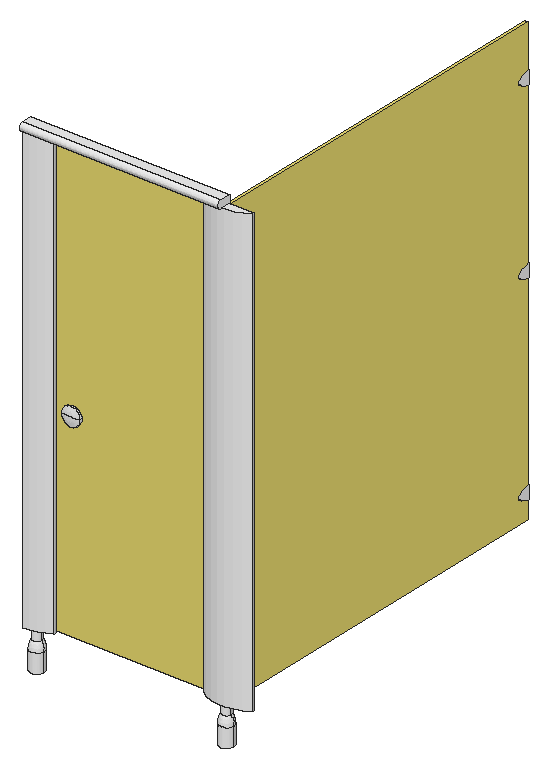
Revit family "NBS_ConceptCubicleSystems_PnlCbclSym_Curve", category Specialty Equipment, Revit 2019
Family settings
  Round Connector Dimension = Use Diameter
  Part Type = Normal
  Work Plane-Based = No
  Always vertical = Yes
  Cut with Voids When Loaded = No
  Shared = No
  Room Calculation Point = No
Parameters (values of type "WallEndFirstCubicle")
  WarrantyStartDate [instance] = "1900-12-31T23:59:59"
  WarrantyGuarantorParts = "n/a"
  WarrantyGuarantorLabor = "n/a"
  WarrantyDurationUnit = "year"
  WarrantyDurationParts = "n/a"
  WarrantyDurationLabor = "n/a"
  WarrantyDescription = "n/a"
  Version = "3"  # constant formula
  Uniclass2015Version = "Systems v1.17"
  Uniclass2015Title = "Panel cubicle systems"
  Uniclass2015Code = "Ss_25_12_60_60"
  TagNumber [instance] = "n/a"
  SystemManufacturer = "Concept Cubicle Systems"
  SustainabilityPerformance = "n/a"
  SupportRightOffset [instance] = if(HasPilasterRight, 0 mm, 35 mm)  # 0 mm
  SupportHeight [instance] = if(PartitionUndercut < 10 mm, 10 mm, PartitionUndercut)  # 150 mm
  Style = "Cubicle"
  Status = "UNSET"
  Size = "1500 x 1980 mm"
  ShowCubicleLocationLines [instance] = yes
  Shape = "n/a"
  SerialNumber [instance] = "n/a"
  Revision = "n/a"
  ReverseDoorSwing [instance] = no
  ReplacementCost = "n/a"
  Reference = "n/a"
  RailOffsetRight [instance] = if(or(IsWallEndFirstCubicle, IsWallEndEndCubicle, IsWallToWallSingleCubicle, IsFirstCubicle, IsMiddleCubicle), PanelThickness / 2, 0 mm)  # 6.25 mm
  RailOffsetLeft [instance] = if(or(IsEndCubicle, IsWallEndFirstCubicle, IsWallEndEndCubicle, IsWallEndSingleCubicle, IsWallToWallSingleCubicle, IsMiddleCubicle), PanelThickness / 2, 0 mm)  # 6.25 mm
  ProductInformation = "https://www.conceptcubiclesystems.co.uk/commercial-office/cubicles/curve"
  PilasterRightWidth [instance] = if(HasPilasterRightCorner, 97 mm - PanelThickness / 2, 100 mm)  # 100 mm
  PilasterOpeningWidth [instance] = CubicleWidth - PilasterLeftWidth - PilasterRightWidth  # 600 mm
  PilasterMaterial = NBS_ConceptCubicleSystems_SatinAnodisedAluminium
  PilasterReturnLeftWidth [instance] = if(HasPilasterLeftCorner, PanelThickness / 2, 0 mm)  # 0 mm
  PilasterLeftWidth [instance] = if(HasPilasterLeftCorner, 97 mm - PanelThickness / 2, 100 mm)  # 100 mm
  PilasterLeftCoarse [instance] = or(HasPilasterLeftCorner, HasPilasterLeftWall)  # yes
  PartitionMaterial = NBS_ConceptCubicleSystems_Z016_ZesteDeCitron-Yellow
  PartitionUndercut = 150 mm
  Panels = "12 mm Compact Grade Laminate"
  PanelThickness = 12.5 mm  # constant formula
  PanelSupports = "150 mm"
  OpenOut [instance] = not(OpenIn)  # no
  OpenIn [instance] = yes
  ReversedDoorSwing [instance] = not(ReverseDoorSwing)  # yes
  NominalWidth [instance] = CubicleWidth  # 800 mm
  NominalLength [instance] = CubicleWidth  # 800 mm
  NominalHeight [instance] = CubicleHeight  # 1950 mm
  NominalDepth [instance] = CubicleDepth  # 1500 mm
  Name = "PanelCubicleSystem_Curve_WallEndFirstCubicle_ConceptCubicleSystems"
  NBSReference = "25-05-60/160"
  NBSDescription = "Panel cubicle system"
  NBSCertification = "www.nationalbimlibrary.com/cert/b3h0bzth"
  ModelReference = "Curve Cubicles"
  ModelNumber = "n/a"
  Material = "Compact Grade Laminate"
  ManufacturerURL = "www.conceptcubiclesystems.co.uk"
  ManufacturerName = "Concept Cubicle Systems"  # constant formula
  Manufacturer = "sales@conceptcubiclesystems.co.uk"
  MainColor = "n/a"
  IsWallEndSingleCubicle = no
  IsWallEndFirstCubicle = yes
  IsWallEndEndCubicle = no
  IsSingleCubicle = no
  IsWallToWallSingleCubicle = no
  IsMiddleCubicle = no
  IsFirstCubicle = no
  IsEndCubicle = no
  IsBuiltIn = yes
  InstallationDate [instance] = "1900-12-31T23:59:59"
  IfcExportType = "USERDEFINED"  # constant formula
  IfcExportAs = "IfcFurnitureType"  # constant formula
  HasSupportLeft [instance] = or(IsSingleCubicle, IsWallEndFirstCubicle, IsWallEndSingleCubicle, IsWallToWallSingleCubicle, IsFirstCubicle)  # yes
  HasPilasterRightWall = or(IsWallToWallSingleCubicle, IsWallEndEndCubicle)  # no
  HasPilasterRightCorner = or(IsEndCubicle, IsWallEndSingleCubicle, IsSingleCubicle)  # no
  HasPilasterRight = or(IsFirstCubicle, IsMiddleCubicle, IsWallEndFirstCubicle)  # yes
  HasPilasterLeftWall = or(IsWallToWallSingleCubicle, IsWallEndSingleCubicle, IsWallEndFirstCubicle)  # yes
  HasPilasterLeftCorner = or(IsFirstCubicle, IsSingleCubicle)  # no
  HasPartitionRight = not(or(IsWallToWallSingleCubicle, IsWallEndEndCubicle))  # yes
  HasPartitionLeft = or(IsSingleCubicle, IsFirstCubicle)  # no
  Grade = "n/a"
  Fittings = "Powder coated aluminium with elliptical aluminium pilasters"
  FittingMaterial = NBS_ConceptCubicleSystems_SatinAnodisedAluminium
  Finish = "n/a"
  Features = "Black core with a radiused edge, back to back pull handle supplied with outward opening doors, non standard dimensions available on request, vandel and water resistant compact grade laminate"
  ExpectedLife = "n/a"
  DurationUnit = "year"
  DoorSwingCalc [instance] = if(OpenOut, PilasterOpeningWidth - 5.5 mm, 0 mm)  # 0 mm
  DoorSwing [instance] = if(OpenIn, PilasterOpeningWidth + 77 mm, 0 mm)  # 677 mm
  DoorLeafMaterial = NBS_ConceptCubicleSystems_Z016_ZesteDeCitron-Yellow
  DoorLeafHeight [instance] = if(OpenIn, CubicleHeight - DoorLeafUndercut, CubicleHeight - DoorLeafUndercut - 10 mm)  # 1800 mm
  DoorLeafUndercut = 150 mm
  Description = "Curve cubicles"
  CubicleWidth [instance] = 800 mm
  CubicleHeight [instance] = 1950 mm
  CubicleDepth [instance] = 1500 mm
  Constituents = "n/a"
  Color = "n/a"
  CodePerformance = "n/a"
  ClearOpeningWidth [instance] = CubicleWidth - PilasterLeftWidth - PilasterRightWidth - ClearOpeningLeftCalc - ClearOpeningRightCalc  # 600 mm
  ClearOpeningRightCalc [instance] = if(OpenIn, 0 mm, if(and(OpenOut, ReverseDoorSwing), 9 mm, 31 mm + PanelThickness))  # 0 mm
  ClearOpeningLeftCalc [instance] = if(OpenIn, 0 mm, if(and(OpenOut, ReversedDoorSwing), 9 mm, 31 mm + PanelThickness))  # 0 mm
  ClearOpeningHeight [instance] = CubicleHeight  # 1950 mm
  Category = "Ss_25_12_60_60:Panel cubicle systems"
  BarCode [instance] = "n/a"
  BIMObjectName = "NBS_ConceptCubicleSystems_PanelCubicleSystem_Curve_WallEndFirstCubicle"
  Author = "NBS"  # constant formula
  AssetType = "Fixed"
  AssetIdentifier [instance] = "n/a"
  AccessibilityPerformance = "n/a"
Types (9, lengths in mm): name | SupportRightOffset | ShowCubicleLocationLines | RailOffsetRight | RailOffsetLeft | PilasterRightWidth | PilasterOpeningWidth | PilasterReturnLeftWidth | PilasterLeftWidth | PilasterLeftCoarse | Name | IsWallEndSingleCubicle | IsWallEndFirstCubicle | IsWallEndEndCubicle | IsSingleCubicle | IsWallToWallSingleCubicle | IsMiddleCubicle | IsFirstCubicle | IsEndCubicle | HasSupportLeft | HasPilasterRightWall | HasPilasterRightCorner | HasPilasterRight | HasPilasterLeftWall | HasPilasterLeftCorner | HasPartitionRight | HasPartitionLeft | DoorSwing | ClearOpeningWidth | BIMObjectName
  (no name) | 35 | no | 0 | 0 | 90.75 | 618.5 | 6.25 | 90.75 | yes | "PanelCubicleSystem_Curve_SingleCubicle_ConceptCubicleSystems" | no | no | no | yes | no | no | no | no | yes | no | yes | no | no | yes | yes | yes | 695.5 | 618.5 | "NBS_ConceptCubicleSystems_PanelCubicleSystem_Curve_SingleCubicle"
  SingleCubicle | 35 | no | 0 | 0 | 90.75 | 618.5 | 6.25 | 90.75 | yes | "PanelCubicleSystem_Curve_SingleCubicle_ConceptCubicleSystems" | no | no | no | yes | no | no | no | no | yes | no | yes | no | no | yes | yes | yes | 695.5 | 618.5 | "NBS_ConceptCubicleSystems_PanelCubicleSystem_Curve_SingleCubicle"
  WallToWallSingleCubicle | 35 | yes | 6.25 | 6.25 | 100 | 600 | 0 | 100 | yes | "PanelCubicleSystem_Curve_WallToWallSingleCubicle_ConceptCubicleSystems" | no | no | no | no | yes | no | no | no | yes | yes | no | no | yes | no | no | no | 677 | 600 | "NBS_ConceptCubicleSystems_PanelCubicleSystem_Curve_WallToWallSingleCubicle"
  EndCubicle | 35 | yes | 0 | 6.25 | 90.75 | 609.25 | 0 | 100 | no | "PanelCubicleSystem_Curve_EndCubicle_ConceptCubicleSystems" | no | no | no | no | no | no | no | yes | no | no | yes | no | no | no | yes | no | 686.25 | 609.25 | "NBS_ConceptCubicleSystems_PanelCubicleSystem_Curve_EndCubicle"
  FirstCubicle | 0 | yes | 6.25 | 0 | 100 | 609.25 | 6.25 | 90.75 | yes | "PanelCubicleSystem_Curve_FirstCubicle_ConceptCubicleSystems" | no | no | no | no | no | no | yes | no | yes | no | no | yes | no | yes | yes | yes | 686.25 | 609.25 | "NBS_ConceptCubicleSystems_PanelCubicleSystem_Curve_FirstCubicle"
  WallEndFirstCubicle | 0 | yes | 6.25 | 6.25 | 100 | 600 | 0 | 100 | yes | "PanelCubicleSystem_Curve_WallEndFirstCubicle_ConceptCubicleSystems" | no | yes | no | no | no | no | no | no | yes | no | no | yes | yes | no | yes | no | 677 | 600 | "NBS_ConceptCubicleSystems_PanelCubicleSystem_Curve_WallEndFirstCubicle"
  WallEndSingleCubicle | 35 | yes | 0 | 6.25 | 90.75 | 609.25 | 0 | 100 | yes | "PanelCubicleSystem_Curve_WallEndSingleCubicle_ConceptCubicleSystems" | yes | no | no | no | no | no | no | no | yes | no | yes | no | yes | no | yes | no | 686.25 | 609.25 | "NBS_ConceptCubicleSystems_PanelCubicleSystem_Curve_WallEndSingleCubicle"
  MiddleCubicle | 0 | yes | 6.25 | 6.25 | 100 | 600 | 0 | 100 | no | "PanelCubicleSystem_Curve_MiddleCubicle_ConceptCubicleSystems" | no | no | no | no | no | yes | no | no | no | no | no | yes | no | no | yes | no | 677 | 600 | "NBS_ConceptCubicleSystems_PanelCubicleSystem_Curve_MiddleCubicle"
  WallEndEndCubicle | 35 | yes | 6.25 | 6.25 | 100 | 600 | 0 | 100 | no | "PanelCubicleSystem_Curve_WallEndEndCubicle_ConceptCubicleSystems" | no | no | yes | no | no | no | no | no | no | yes | no | no | no | no | no | no | 677 | 600 | "NBS_ConceptCubicleSystems_PanelCubicleSystem_Curve_WallEndEndCubicle"
Reference planes
  plane 1 "Back": y = 0
  plane 2: z = 0
  plane 3 "Center (Left/Right)": x = 0
  plane 4 "CubicleLeft": x = -400
  plane 5 "CubicleRight": x = 400
  plane 6 "LeftPartitionExternal": x = -406.25
  plane 7 "LeftPartitionInternal": x = -393.75
  plane 8 "RightPartitionExternal": x = 406.25
  plane 9 "RightPartitionInternal": x = 393.75
  plane 10 "LeftPilaster": x = -300
  plane 11 "RightPilaster": x = 300
  plane 12 "DoorSwing": y = -823
  plane 13 "DoorSwingCalc": y = -1500
  plane 14 "Front": y = -1500
  plane 15 "Top": z = 1950
  plane 16 "PartitionElevation": z = 150
  plane 17 "Left": x = -400
  plane 18 "Right": x = 400
  plane 19 "ClearOpeningRight": x = 300
  plane 20 "ClearOpeningLeft": x = -300
  plane 21 "Leg": y = -1513.5
  plane 22: z = 75
  plane 23 "LeftLeg": x = -365
  plane 24: x = 400
  plane 25: z = 150
  plane 26: z = 1750
  plane 27: z = 1050
  plane 28: z = 250
Forms (mm)
  Extrusion 1, solid, material "NBS_ConceptCubicleSystems_Z016_ZesteDeCitron-Yellow" <- "PartitionMaterial", visible <- "HasPartitionLeft", detail levels medium+fine
    sketch origin (0, 0, 0) x (1, 0, 0) y (0, 1, 0)
      loop
        line (-406.25, 0) -> (-406.25, -1500) -> (-393.75, -1500) -> (-393.75, 0) -> (-406.25, 0)
    from 150 to 1950
  Extrusion 2, solid, material "NBS_ConceptCubicleSystems_Z016_ZesteDeCitron-Yellow" <- "PartitionMaterial", visible <- "HasPartitionRight", detail levels medium+fine
    sketch origin (0, 0, 0) x (1, 0, 0) y (0, 1, 0)
      loop
        line (393.75, 0) -> (393.75, -1500) -> (406.25, -1500) -> (406.25, 0) -> (393.75, 0)
    from 150 to 1950
  Extrusion 3, solid, material "NBS_ConceptCubicleSystems_Z016_ZesteDeCitron-Yellow" <- "PartitionMaterial", visible <- "HasPartitionLeft", detail levels coarse
    sketch origin (0, 0, 0) x (1, 0, 0) y (0, 1, 0)
      loop
        line (-406.25, 0) -> (-406.25, -1500) -> (-393.75, -1500) -> (-393.75, 0) -> (-406.25, 0)
    from 150 to 1950
  Extrusion 4, solid, material "NBS_ConceptCubicleSystems_Z016_ZesteDeCitron-Yellow" <- "PartitionMaterial", visible <- "HasPartitionRight", detail levels coarse
    sketch origin (0, 0, 0) x (1, 0, 0) y (0, 1, 0)
      loop
        line (393.75, 0) -> (393.75, -1500) -> (406.25, -1500) -> (406.25, 0) -> (393.75, 0)
    from 150 to 1950
  Sweep 5, solid, material "NBS_ConceptCubicleSystems_SatinAnodisedAluminium" <- "FittingMaterial", detail levels medium+fine
    path origin (0, 0, 1950) x (0, 1, 0) y (-1, 0, 0)
      loop
        line (-1500, 400) -> (-1500, -400)
    profile origin (0, -1500, 1950) x (0, 1, 0) y (0, 0, 1)
      loop
        line (0, 0) -> (0, 30) -> (-42, 30)
        arc (-42, 30) -> (-57, 15) -> (-42, 0) r 15
        line (-42, 0) -> (0, 0)
  Sweep 6, solid, material "NBS_ConceptCubicleSystems_SatinAnodisedAluminium" <- "PilasterMaterial", visible <- "HasPilasterLeftWall", detail levels medium+fine
    path origin (-1330.638, -1500, 1200) x (-1, 0, 0) y (0, 0, 1)
      loop
        line (-930.638, -1050) -> (-930.638, 750)
    profile origin (-400, -1500, 1050) x (1, 0, 0) y (0, 1, 0)
      loop
        line (96.3, 0) -> (3, 0) -> (3, 31.5) -> (0, 31.5) -> (0, -40)
        arc (0, -40) -> (52.021, -31.434) -> (98.548, -6.639) r 162.235
        arc (98.548, -6.639) -> (99.805, -2.514) -> (96.3, 0) r 3.7
  Sweep 7, solid, material "NBS_ConceptCubicleSystems_SatinAnodisedAluminium" <- "PilasterMaterial", visible <- "HasPilasterRight", detail levels medium+fine
    path origin (-1330.638, -1500, 1200) x (-1, 0, 0) y (0, 0, 1)
      loop
        line (-1730.638, -1050) -> (-1730.638, 750)
    profile origin (400, -1500, 1050) x (1, 0, 0) y (0, 1, 0)
      loop
        arc (-96.3, 0) -> (-99.805, -2.514) -> (-98.548, -6.639) r 3.7
        arc (-98.548, -6.639) -> (0, -40) -> (98.548, -6.639) r 162.235
        arc (98.548, -6.639) -> (99.805, -2.514) -> (96.3, 0) r 3.7
        line (96.3, 0) -> (-96.3, 0)
  Sweep 8, solid, material "NBS_ConceptCubicleSystems_SatinAnodisedAluminium" <- "PilasterMaterial", visible <- "HasPilasterRightWall", detail levels medium+fine
    path origin (-1330.638, -1500, 1200) x (-1, 0, 0) y (0, 0, 1)
      loop
        line (-1730.638, -1050) -> (-1730.638, 750)
    profile origin (400, -1500, 1050) x (1, 0, 0) y (0, 1, 0)
      loop
        arc (-96.3, 0) -> (-99.805, -2.514) -> (-98.548, -6.639) r 3.7
        arc (-98.548, -6.639) -> (-52.021, -31.434) -> (0, -40) r 162.235
        line (0, -40) -> (0, 31.5) -> (-3, 31.5) -> (-3, 0) -> (-96.3, 0)
  Sweep 9, solid, material "NBS_ConceptCubicleSystems_SatinAnodisedAluminium" <- "PilasterMaterial", visible <- "HasPilasterRightCorner", detail levels medium+fine
    path origin (-1330.638, -1500, 1200) x (-1, 0, 0) y (0, 0, 1)
      loop
        line (-1736.888, -1050) -> (-1736.888, 750)
    profile origin (406.25, -1500, 1050) x (1, 0, 0) y (0, 1, 0)
      loop
        arc (-93.3, 0) -> (-96.805, -2.514) -> (-95.548, -6.639) r 3.7
        arc (-95.548, -6.639) -> (-49.497, -31.272) -> (1.994, -39.997) r 162.235
        arc (1.994, -39.997) -> (2.705, -39.706) -> (3, -38.997) r 1
        line (3, -38.997) -> (3, 31.5) -> (0, 31.5) -> (0, 0) -> (-93.3, 0)
  Sweep 10, solid, material "NBS_ConceptCubicleSystems_SatinAnodisedAluminium" <- "PilasterMaterial", visible <- "HasPilasterLeftCorner", detail levels medium+fine
    path origin (-1330.638, -1500, 1200) x (-1, 0, 0) y (0, 0, 1)
      loop
        line (-924.388, -1050) -> (-924.388, 750)
    profile origin (-406.25, -1500, 1050) x (1, 0, 0) y (0, 1, 0)
      loop
        line (93.3, 0) -> (0, 0) -> (0, 31.5) -> (-3, 31.5) -> (-3, -38.997)
        arc (-3, -38.997) -> (-2.705, -39.706) -> (-1.994, -39.997) r 1
        arc (-1.994, -39.997) -> (49.497, -31.272) -> (95.548, -6.639) r 162.235
        arc (95.548, -6.639) -> (96.805, -2.514) -> (93.3, 0) r 3.7
  Extrusion 11, solid, material "NBS_ConceptCubicleSystems_SatinAnodisedAluminium" <- "PilasterMaterial", visible <- "PilasterLeftCoarse", detail levels coarse
    sketch origin (0, 0, 150) x (0, 1, 0) y (-1, 0, 0)
      loop
        line (-1500, 400) -> (-1540, 400)
        arc (-1540, 400) -> (-1530.651, 345.74) -> (-1500, 300) r 132.141
        line (-1500, 300) -> (-1500, 400)
    from 0 to 1800
  Extrusion 12, solid, material "NBS_ConceptCubicleSystems_SatinAnodisedAluminium" <- "PilasterMaterial", visible <- "HasPilasterRightWall", detail levels coarse
    sketch origin (0, 0, 150) x (0, 1, 0) y (-1, 0, 0)
      loop
        arc (-1500, -300) -> (-1531.452, -345.419) -> (-1540, -400) r 123.73
        line (-1540, -400) -> (-1500, -400) -> (-1500, -300)
    from 0 to 1800
  Revolve 13, solid, material "NBS_ConceptCubicleSystems_SatinAnodisedAluminium" <- "FittingMaterial", visible <- "HasSupportLeft", detail levels fine
    sketch origin (0, -1513.5, 0) x (-1, 0, 0) y (0, 0, 1)
      loop
        line (365, 0) -> (393, 0) -> (393, 75)
        arc (393, 75) -> (390.459, 94.748) -> (383, 113.21) r 78
        line (383, 113.21) -> (383, 150) -> (365, 150) -> (365, 0)
      axis (365, 150) -> (365, 0)
    angle from 0 to 360
  Revolve 14, solid, material "NBS_ConceptCubicleSystems_SatinAnodisedAluminium" <- "FittingMaterial", detail levels fine
    sketch origin (0, -1513.5, 0) x (-1, 0, 0) y (0, 0, 1)
      loop
        line (-400, 0) -> (-400, 150) -> (-418, 150) -> (-418, 113.21)
        arc (-418, 113.21) -> (-425.459, 94.748) -> (-428, 75) r 78
        line (-428, 75) -> (-428, 0) -> (-400, 0)
      axis (-400, 150) -> (-400, 0)
    angle from 0 to 360
  Extrusion 15, solid, material "NBS_ConceptCubicleSystems_SatinAnodisedAluminium" <- "FittingMaterial", visible <- "HasSupportLeft", detail levels coarse+medium
    sketch origin (0, 0, 0) x (1, 0, 0) y (0, 1, 0)
      loop
        circle (-365, -1513.5) r 19
    from 0 to 150 <- "SupportHeight"
  Extrusion 16, solid, material "NBS_ConceptCubicleSystems_SatinAnodisedAluminium" <- "FittingMaterial", detail levels coarse+medium
    sketch origin (0, 0, 0) x (1, 0, 0) y (0, 1, 0)
      loop
        circle (400, -1513.5) r 16
    from 0 to 150 <- "SupportHeight"
  Extrusion 17, solid, material "NBS_ConceptCubicleSystems_SatinAnodisedAluminium" <- "PilasterMaterial", visible <- "HasPilasterRightCorner", detail levels coarse
    sketch origin (0, 0, 150) x (0, 1, 0) y (-1, 0, 0)
      loop
        line (-1500, -406.25) -> (-1500, -309.25)
        arc (-1500, -309.25) -> (-1531.452, -353.027) -> (-1540, -406.25) r 117.28
        line (-1540, -406.25) -> (-1500, -406.25)
    from 0 to 1800
  Extrusion 18, solid, material "NBS_ConceptCubicleSystems_SatinAnodisedAluminium" <- "PilasterMaterial", visible <- "HasPilasterRight", detail levels coarse
    sketch origin (0, 0, 150) x (0, 1, 0) y (-1, 0, 0)
      loop
        line (-1500, -500) -> (-1500, -300)
        arc (-1500, -300) -> (-1540, -400) -> (-1500, -500) r 145
    from 0 to 1800
Lines and regions (mm)
  symbolic lines, visible <- "HasPartitionLeft", detail levels coarse
    curve 1: line (-400, 0, 0) -> (-400, -1500, 0)
  symbolic lines, detail levels coarse
    curve 2: line (-300, -1500, 0) -> (-400, -1500, 0)
    curve 3: line (300, -1500, 0) -> (400, -1500, 0)
  symbolic lines, visible <- "HasPartitionRight", detail levels coarse
    curve 4: line (400, -1500, 0) -> (400, 0, 0)
  symbolic lines, style "SpecialityEquipmentHiddenLines", visible <- "ShowCubicleLocationLines"
    curve 5: line (400, -1500, 0) -> (400, 0, 0)
    curve 6: line (-400, 0, 0) -> (-400, -1500, 0)
Dimensions and locks
  equal spacing: plane 4 "CubicleLeft", plane 3 "Center (Left/Right)", plane 5 "CubicleRight"
  "CubicleWidth": plane 4 "CubicleLeft" to plane 5 "CubicleRight"
  equal spacing: plane 6 "LeftPartitionExternal", plane 4 "CubicleLeft", plane 7 "LeftPartitionInternal"
  "PanelThickness": plane 6 "LeftPartitionExternal" to plane 7 "LeftPartitionInternal"
  equal spacing: plane 9 "RightPartitionInternal", plane 5 "CubicleRight", plane 8 "RightPartitionExternal"
  "PanelThickness": plane 9 "RightPartitionInternal" to plane 8 "RightPartitionExternal"
  "DoorSwing": plane 12 "DoorSwing" to plane 13 "DoorSwingCalc"
  "DoorSwingCalc": plane 14 "Front" to plane 13 "DoorSwingCalc"
  "CubicleHeight": plane 15 "Top" to level
  "PartitionUndercut": plane 16 "PartitionElevation" to level
  plane 15 "Top" to plane 16 "PartitionElevation" = 1800 mm
  "PilasterRightWidth": plane 11 "RightPilaster" to plane 5 "CubicleRight"
  "PilasterLeftWidth": plane 4 "CubicleLeft" to plane 10 "LeftPilaster"
  "RailOffsetLeft": plane 6 "LeftPartitionExternal" to Sweep 5 sketch curve
  "RailOffsetRight": Sweep 5 sketch curve to plane 8 "RightPartitionExternal"
  "ClearOpeningRightCalc": plane 19 "ClearOpeningRight" to plane 11 "RightPilaster"
  "ClearOpeningLeftCalc": plane 10 "LeftPilaster" to plane 20 "ClearOpeningLeft"
  "CubicleDepth": plane 14 "Front" to plane 1 "Back"
  "PilasterReturnLeftWidth": Extrusion 11 sketch curve to plane 4 "CubicleLeft"
  locked: plane 14 "Front" to Sweep 7 sketch curve at 40
  locked: Sweep 7 sketch curve to plane 5 "CubicleRight" at 100
  locked: plane 5 "CubicleRight" to Sweep 7 sketch curve at 100
  locked: Sweep 9 sketch curve to plane 8 "RightPartitionExternal" at 97
  locked: Sweep 8 sketch curve to plane 5 "CubicleRight" at 100
  locked: plane 14 "Front" to Sweep 8 sketch curve at 40
  locked: plane 6 "LeftPartitionExternal" to Sweep 10 sketch curve at 97
  locked: plane 4 "CubicleLeft" to Sweep 6 sketch curve at 100
  locked: plane 14 "Front" to Sweep 6 sketch curve at 40
  plane 14 "Front" to Extrusion 11 sketch curve = 40.102 mm
  locked: plane 14 "Front" to Extrusion 12 sketch curve at 40.301
  locked: Extrusion 12 sketch curve to plane 5 "CubicleRight" at 100
  plane 14 "Front" to Extrusion 17 sketch curve = 40 mm
  locked: Extrusion 17 sketch curve to plane 8 "RightPartitionExternal" at 97
  locked: plane 14 "Front" to Extrusion 18 sketch curve at 40
  locked: plane 5 "CubicleRight" to Extrusion 18 sketch curve at 100
  locked: Extrusion 18 sketch curve to plane 5 "CubicleRight" at 100
  locked: plane 14 "Front" to plane 21 "Leg" at 13.5
  locked: Revolve 13 sketch curve to plane 23 "LeftLeg" at 50
  locked: plane 23 "LeftLeg" to Revolve 13 sketch curve at 28
  locked: plane 23 "LeftLeg" to Revolve 13 sketch curve at 18
  locked: Revolve 14 sketch curve to plane 24 at 28
  locked: Revolve 14 sketch curve to plane 24 at 18
  locked: plane 24 to Revolve 14 sketch curve at 50
  "SupportRightOffset": plane 24 to plane 5 "CubicleRight"
  locked: plane 4 "CubicleLeft" to plane 23 "LeftLeg" at 35
  equal spacing: plane 25, plane 22, level
  "SupportHeight": plane 25 to level
  locked: plane 28 to plane 16 "PartitionElevation" at 100
  equal spacing: plane 15 "Top", plane 27, plane 16 "PartitionElevation"
  locked: plane 15 "Top" to plane 26 at 200
  aligned and locked: level to plane 2
  aligned and locked: Extrusion 1 sketch curve to plane 6 "LeftPartitionExternal"
  aligned and locked: plane 7 "LeftPartitionInternal" to Extrusion 1 sketch curve
  aligned and locked: Extrusion 2 sketch curve to plane 9 "RightPartitionInternal"
  aligned and locked: plane 8 "RightPartitionExternal" to Extrusion 2 sketch curve
  aligned and locked: plane 15 "Top" to Extrusion 1
  aligned and locked: plane 15 "Top" to Extrusion 2
  aligned and locked: plane 1 "Back" to Extrusion 1 sketch curve
  aligned and locked: plane 1 "Back" to Extrusion 2 sketch curve
  aligned and locked: Extrusion 3 sketch curve to plane 6 "LeftPartitionExternal"
  aligned and locked: plane 7 "LeftPartitionInternal" to Extrusion 3 sketch curve
  aligned and locked: Extrusion 3 sketch curve to plane 1 "Back"
  aligned and locked: Extrusion 4 sketch curve to plane 9 "RightPartitionInternal"
  aligned and locked: plane 8 "RightPartitionExternal" to Extrusion 4 sketch curve
  aligned and locked: Extrusion 4 sketch curve to plane 1 "Back"
  aligned and locked: plane 15 "Top" to Extrusion 3
  aligned and locked: plane 15 "Top" to Extrusion 4
  aligned and locked: plane 1 "Back" to curve 4
  aligned and locked: plane 11 "RightPilaster" to curve 3
  aligned and locked: plane 10 "LeftPilaster" to curve 2
  aligned and locked: curve 1 to plane 4 "CubicleLeft"
  aligned and locked: plane 17 "Left" to plane 4 "CubicleLeft"
  aligned and locked: plane 18 "Right" to plane 5 "CubicleRight"
  aligned and locked: curve 5 to plane 5 "CubicleRight"
  aligned and locked: plane 1 "Back" to curve 5
  aligned and locked: curve 6 to plane 4 "CubicleLeft"
  aligned and locked: plane 1 "Back" to curve 6
  aligned and locked: plane 4 "CubicleLeft" to curve 2
  aligned and locked: Extrusion 2 to plane 16 "PartitionElevation"
  aligned and locked: Extrusion 1 to plane 16 "PartitionElevation"
  aligned and locked: Extrusion 3 to plane 16 "PartitionElevation"
  aligned and locked: Extrusion 4 to plane 16 "PartitionElevation"
  aligned and locked: nested 1 to plane 11 "RightPilaster"
  aligned and locked: nested 2 to plane 10 "LeftPilaster"
  aligned and locked: plane 14 "Front" to curve 2
  aligned and locked: Extrusion 3 sketch curve to plane 14 "Front"
  aligned and locked: Extrusion 1 sketch curve to plane 14 "Front"
  aligned and locked: curve 3 to plane 14 "Front"
  aligned and locked: Extrusion 4 sketch curve to plane 14 "Front"
  aligned and locked: Extrusion 2 sketch curve to plane 14 "Front"
  aligned and locked: plane 14 "Front" to nested 2
  aligned and locked: nested 1 to plane 14 "Front"
  aligned and locked: plane 17 "Left" to Sweep 6 sketch curve
  aligned and locked: plane 15 "Top" to Sweep 6 sketch curve
  aligned and locked: plane 16 "PartitionElevation" to Sweep 6 sketch curve
  aligned and locked: Sweep 7 sketch curve to plane 18 "Right"
  aligned and locked: plane 16 "PartitionElevation" to Sweep 7 sketch curve
  aligned and locked: plane 15 "Top" to Sweep 7 sketch curve
  aligned and locked: Sweep 8 sketch curve to plane 18 "Right"
  aligned and locked: plane 15 "Top" to Sweep 8 sketch curve
  aligned and locked: plane 16 "PartitionElevation" to Sweep 8 sketch curve
  aligned and locked: plane 15 "Top" to Sweep 9 sketch curve
  aligned and locked: plane 16 "PartitionElevation" to Sweep 9 sketch curve
  aligned and locked: plane 16 "PartitionElevation" to Sweep 10 sketch curve
  aligned and locked: plane 15 "Top" to Sweep 10 sketch curve
  aligned and locked: Sweep 5 sketch curve to plane 14 "Front"
  aligned and locked: Extrusion 11 sketch curve to plane 14 "Front"
  aligned and locked: plane 15 "Top" to Extrusion 11
  aligned and locked: Extrusion 12 sketch curve to plane 14 "Front"
  aligned and locked: plane 15 "Top" to Extrusion 12
  aligned and locked: plane 21 "Leg" to Extrusion 15 sketch curve
  aligned and locked: plane 21 "Leg" to Extrusion 16 sketch curve
  aligned and locked: Sweep 9 sketch curve to plane 8 "RightPartitionExternal"
  aligned and locked: plane 6 "LeftPartitionExternal" to Sweep 10 sketch curve
  aligned and locked: Sweep 6 sketch curve to plane 4 "CubicleLeft"
  aligned and locked: plane 10 "LeftPilaster" to Extrusion 11 sketch curve
  aligned and locked: plane 5 "CubicleRight" to Extrusion 12 sketch curve
  aligned and locked: plane 8 "RightPartitionExternal" to Extrusion 17 sketch curve
  aligned and locked: plane 14 "Front" to Extrusion 17 sketch curve
  aligned and locked: plane 14 "Front" to Extrusion 18 sketch curve
  aligned and locked: plane 15 "Top" to Extrusion 18
  aligned and locked: plane 15 "Top" to Extrusion 17
  aligned and locked: plane 1 "Back" to nested 3
  aligned and locked: plane 1 "Back" to nested 4
  aligned and locked: plane 1 "Back" to nested 5
  aligned and locked: plane 1 "Back" to nested 6
  aligned and locked: plane 1 "Back" to nested 7
  aligned and locked: plane 1 "Back" to nested 8
  aligned and locked: plane 4 "CubicleLeft" to nested 3
  aligned and locked: plane 4 "CubicleLeft" to nested 4
  aligned and locked: plane 4 "CubicleLeft" to nested 5
  aligned and locked: nested 8 to plane 5 "CubicleRight"
  aligned and locked: nested 7 to plane 5 "CubicleRight"
  aligned and locked: nested 6 to plane 5 "CubicleRight"
  aligned and locked: plane 23 "LeftLeg" to Extrusion 15 sketch curve
  aligned and locked: plane 24 to Extrusion 16 sketch curve
  aligned and locked: plane 22 to Revolve 13 sketch curve
  aligned and locked: Revolve 13 sketch curve to plane 23 "LeftLeg"  (x2)
  aligned and locked: level to Revolve 13 sketch curve
  aligned and locked: Revolve 14 sketch curve to plane 24  (x2)
  aligned and locked: plane 22 to Revolve 14 sketch curve
  aligned and locked: Revolve 14 sketch curve to level
  aligned and locked: plane 25 to Revolve 13 sketch curve
  aligned and locked: Revolve 14 sketch curve to plane 25
  aligned and locked: nested 3 to plane 26
  aligned and locked: nested 7 to plane 26
  aligned and locked: nested 5 to plane 27
  aligned and locked: nested 6 to plane 27
  aligned and locked: nested 4 to plane 28
  aligned and locked: nested 8 to plane 28
Automatic sketch dimensions
  plane 1 "Back" to curve 1 = 0 mm
  Sweep 7 sketch curve to Sweep 7 sketch curve = 96.3 mm
  Sweep 7 sketch curve to plane 14 "Front" = 3.7 mm
  Sweep 7 sketch curve to Sweep 7 sketch curve = 0 mm  (x2)
  Sweep 7 sketch curve to Sweep 7 sketch curve = 3.7 mm
  Sweep 8 sketch curve to Sweep 8 sketch curve = 93.3 mm
  Sweep 8 sketch curve to Sweep 8 sketch curve = 3 mm
  Sweep 8 sketch curve to plane 14 "Front" = 3.7 mm
  Sweep 8 sketch curve to Sweep 8 sketch curve = 31.5 mm
  Sweep 8 sketch curve to Sweep 8 sketch curve = 90.735 mm
  Sweep 8 sketch curve to plane 14 "Front" = 0 mm
  Sweep 6 sketch curve to Sweep 6 sketch curve = 3 mm
  Sweep 6 sketch curve to plane 14 "Front" = 3.7 mm
  Sweep 6 sketch curve to Sweep 6 sketch curve = 40 mm
  Sweep 6 sketch curve to Sweep 6 sketch curve = 31.5 mm
  Sweep 6 sketch curve to Sweep 6 sketch curve = 90.735 mm
  Sweep 10 sketch curve to profile plane = 0 mm
  Sweep 10 sketch curve to plane 14 "Front" = 0 mm
  profile plane to Sweep 10 sketch curve = 2 mm
  profile plane to Sweep 10 sketch curve = 3 mm  (x2)
  Sweep 10 sketch curve to plane 14 "Front" = 3.7 mm
  Sweep 10 sketch curve to Sweep 10 sketch curve = 31.5 mm
  Sweep 10 sketch curve to Sweep 10 sketch curve = 0.006 mm
  Sweep 10 sketch curve to Sweep 10 sketch curve = 0 mm  (x2)
  Sweep 9 sketch curve to plane 14 "Front" = 0 mm
  Sweep 9 sketch curve to profile plane = 0 mm
  Sweep 9 sketch curve to profile plane = 2 mm
  Sweep 9 sketch curve to Sweep 9 sketch curve = 1 mm
  Sweep 9 sketch curve to profile plane = 3 mm
  Sweep 9 sketch curve to plane 14 "Front" = 38.997 mm
  Sweep 9 sketch curve to Sweep 9 sketch curve = 31.5 mm
  Sweep 9 sketch curve to Sweep 9 sketch curve = 0 mm  (x2)
  Sweep 9 sketch curve to Sweep 9 sketch curve = 0.006 mm
  Extrusion 12 sketch curve to Extrusion 12 sketch curve = 40 mm
  plane 5 "CubicleRight" to Extrusion 17 sketch curve = 2.262 mm
  Sweep 5 sketch curve to profile plane = 0 mm
  Sweep 5 sketch curve to plane 15 "Top" = 0 mm
  plane 15 "Top" to Sweep 5 sketch curve = 15 mm
  profile plane to Sweep 5 sketch curve = 42 mm
  Sweep 5 sketch curve to Sweep 5 sketch curve = 0 mm
  Revolve 13 sketch curve to level = 304.8 mm
  plane 15 "Top" to Revolve 13 sketch curve = 488.4 mm
  Revolve 14 sketch curve to level = 304.8 mm
  plane 15 "Top" to Revolve 14 sketch curve = 488.4 mm
  Extrusion 11 sketch curve to Extrusion 11 sketch curve = 40 mm
  radius of Extrusion 15 sketch curve = 19 mm
  radius of Extrusion 16 sketch curve = 16 mm
Nested families
  nested 1: "NBS_ConceptCubicleSystems_PnlCbclSym_Curve_DoorLeaf" at (300, -1500, 0), visible <- "ReversedDoorSwing", type "Door"
    with DoorLeafHeight 1800 mm, DoorLeafElevation 150 mm
  nested 2: "NBS_ConceptCubicleSystems_PnlCbclSym_Curve_DoorLeaf" at (-300, -1500, 0) x (-1, 0, 0) z (0, 0, 1), visible <- "ReverseDoorSwing", type "Door"
    with DoorLeafHeight 1800 mm, DoorLeafElevation 150 mm
  nested 3: "NBS_ConceptCubicleSystems_PnlCbclSym_Fitting_Type1" at (-400, 0, 1750), visible <- "HasPartitionLeft", type "NBS_ConceptCubicleSystems_PnlCbclSym_Fitting_Type1", detail levels fine
  nested 4: "NBS_ConceptCubicleSystems_PnlCbclSym_Fitting_Type1" at (-400, 0, 250), visible <- "HasPartitionLeft", type "NBS_ConceptCubicleSystems_PnlCbclSym_Fitting_Type1", detail levels fine
  nested 5: "NBS_ConceptCubicleSystems_PnlCbclSym_Fitting_Type1" at (-400, 0, 1050), visible <- "HasPartitionLeft", type "NBS_ConceptCubicleSystems_PnlCbclSym_Fitting_Type1", detail levels fine
  nested 6: "NBS_ConceptCubicleSystems_PnlCbclSym_Fitting_Type1" at (400, 0, 1050), visible <- "HasPartitionRight", type "NBS_ConceptCubicleSystems_PnlCbclSym_Fitting_Type1", detail levels fine
  nested 7: "NBS_ConceptCubicleSystems_PnlCbclSym_Fitting_Type1" at (400, 0, 1750), visible <- "HasPartitionRight", type "NBS_ConceptCubicleSystems_PnlCbclSym_Fitting_Type1", detail levels fine
  nested 8: "NBS_ConceptCubicleSystems_PnlCbclSym_Fitting_Type1" at (400, 0, 250), visible <- "HasPartitionRight", type "NBS_ConceptCubicleSystems_PnlCbclSym_Fitting_Type1", detail levels fine
Definition of nested family "NBS_ConceptCubicleSystems_PnlCbclSym_Curve_DoorLeaf"
  Parameters (values of type "Door")
    OpenOut = not(OpenIn)  # no
    OpenIn = yes
    OccupancyIndicatorMaterial = none
    LockOffset = if(OpenOut, 69 mm, 56.5 mm)  # 56.5 mm
    FittingMaterial = none
    DoorLeafWidth = if(OpenIn, PilasterOpeningWidth + 45.5 mm, PilasterOpeningWidth + 21.5 mm)  # 645.5 mm
    DoorLeafThickness = 12.5 mm
    DoorLeafOffset = 12 mm  # constant formula
    DoorLeafMaterial = none
    DoorLeafHeight = 1795 mm
    DoorLeafElevation = 10 mm
    DoorHeightCoarse = 1950 mm
    PilasterOpeningWidth = 600 mm
  Reference planes
    plane 1 "Pilaster": y = 0
    plane 2: z = 0
    plane 3 "RightPilaster": x = 0
    plane 4 "DoorLeftOpenIn": x = -606
    plane 5 "DoorRightOpenIn": x = 39.5
    plane 6 "DoorFront": y = 12
    plane 7 "DoorBack": y = 24.5
    plane 8 "HingeInLR": x = 49
    plane 9 "HingeInFB": y = 22
    plane 10 "DoorFrontOpen": y = 31.5
    plane 11 "DoorBackOpen": y = 677
    plane 12 "DoorRightOpen": x = 51.5
    plane 13 "DoorLeftOpen": x = 39
    plane 14 "LockLR": x = -543.5
    plane 15 "Lock": z = 950
    plane 16 "Top": z = 1805
    plane 17 "DoorBottom": z = 10
    plane 18: z = 907.5
    plane 19 "CubicleTop": z = 1950
    plane 20 "HingeOutLR": x = -9
    plane 21 "HingeOutFB": y = -10
    plane 22 "DoorRightOpenOut": x = -43.5
    plane 23 "DoorLeftOpenOut": x = -31
    plane 24 "DoorBackOpenOut": y = 27
    plane 25 "DoorFrontOpenOut": y = -618.5
    plane 26 "LeftPilaster": x = -600
    plane 27 "DoorOpenOutLeft": x = -594
    plane 28 "DoorOpenOutRight": x = 27.5
  Forms (mm)
    Extrusion 1, solid, material <- "DoorLeafMaterial", visible <- "OpenIn", detail levels medium+fine
      sketch origin (-310.75, 0, 10) x (-1, 0, 0) y (0, -1, 0)
        loop
          line (295.25, -24.5) -> (295.25, -12) -> (-350.25, -12) -> (-350.25, -24.5) -> (295.25, -24.5)
      from 0 to 1795
    Revolve 2, solid, material <- "OccupancyIndicatorMaterial", detail levels medium+fine
      sketch origin (-310.75, 0, 950) x (-1, 0, 0) y (0, -1, 0)
        loop
          line (232.75, -12) -> (270.25, -12) -> (270.25, -5.5)
          arc (270.25, -5.5) -> (251.78, -0.637) -> (232.75, 1) r 111.423
          line (232.75, 1) -> (232.75, -12)
        axis (232.75, -12) -> (232.75, 1)
      angle from 0 to 360
    Extrusion 3, solid, material <- "DoorLeafMaterial", visible <- "OpenIn", detail levels coarse
      sketch origin (0, 0, 10) x (-1, 0, 0) y (0, -1, 0)
        loop
          line (606, -12) -> (-39.5, -12) -> (-39.5, -24.5) -> (606, -24.5) -> (606, -12)
      from 0 to 1940
    Sweep 4, solid, material <- "FittingMaterial", visible <- "OpenOut", detail levels medium+fine
      path origin (-10.5, 0, 0) x (1, 0, 0) y (0, 0, 1)
        loop
          line (-589.5, 1805) -> (-589.5, 10)
      profile origin (-600, 0, 907.5) x (0, -1, 0) y (1, 0, 0)
        loop
          line (-24.5, -11) -> (-24.5, 9) -> (-26.5, 9) -> (-26.5, -13) -> (-2, -13) -> (-2, -42) -> (0, -42) -> (0, -11) -> (-24.5, -11)
    Extrusion 5, solid, material <- "DoorLeafMaterial", visible <- "OpenOut", detail levels coarse
      sketch origin (0, 0, 10) x (-1, 0, 0) y (0, -1, 0)
        loop
          line (600, -24.5) -> (600, -12) -> (-27.5, -12) -> (-27.5, -24.5) -> (600, -24.5)
      from 0 to 1940
    Extrusion 6, solid, material <- "DoorLeafMaterial", visible <- "OpenOut", detail levels medium+fine
      sketch origin (0, 0, 10) x (-1, 0, 0) y (0, -1, 0)
        loop
          line (594, -24.5) -> (594, -12) -> (-27.5, -12) -> (-27.5, -24.5) -> (594, -24.5)
      from 0 to 1795
  Lines and regions (mm)
    Masking region 1, visible <- "OpenIn", detail levels medium+fine
      outline origin (-310.75, -67.132, 0) x (1, 0, 0) y (0, 1, 0)
        loop
          line (349.75, 744.132) -> (349.75, 98.632) -> (362.25, 98.632) -> (362.25, 744.132) -> (349.75, 744.132)
    Masking region 2, visible <- "OpenOut", detail levels medium+fine
      outline origin (-310.75, 0, 0) x (1, 0, 0) y (0, 1, 0)
        loop
          line (267.25, 27) -> (267.25, -618.5) -> (279.75, -618.5) -> (279.75, 27) -> (267.25, 27)
    symbolic lines, visible <- "OpenIn", detail levels coarse
      curve 1: line (51.5, 31.5, 0) -> (51.5, 677, 0)
    symbolic lines
      curve 2: line (-606, 0, 10) -> (39.5, 0, 907.5)
      curve 3: line (39.5, 0, 907.5) -> (-606, 0, 1805)
    symbolic lines, visible <- "OpenOut", detail levels coarse
      curve 4: line (-43.5, 27, 0) -> (-43.5, -618.5, 0)
    symbolic lines, visible <- "OpenOut"
      curve 5: arc (-31, -618.5, 0) -> (-454.831, -424.718, 0) -> (-617.5, 12, 0) r 608.898
    symbolic lines, visible <- "OpenIn"
      curve 6: arc (51.5, 677, 0) -> (-412.387, 486.923, 0) -> (-606, 24.5, 0) r 655.005
  Dimensions and locks
    "DoorLeafOffset": plane 1 "Pilaster" to plane 6 "DoorFront"
    "DoorLeafThickness": plane 7 "DoorBack" to plane 6 "DoorFront"
    locked: Revolve 2 sketch curve to plane 14 "LockLR" at 37.5
    locked: plane 6 "DoorFront" to Revolve 2 sketch curve at 13
    locked: plane 6 "DoorFront" to Revolve 2 sketch curve at 6.5
    locked: plane 15 "Lock" to level at 950
    "DoorLeafElevation": plane 17 "DoorBottom" to level
    equal spacing: plane 16 "Top", plane 18, plane 17 "DoorBottom"
    "DoorLeafHeight": plane 16 "Top" to plane 17 "DoorBottom"
    "DoorHeightCoarse": plane 19 "CubicleTop" to level
    locked: plane 10 "DoorFrontOpen" to plane 9 "HingeInFB" at 9.5
    "DoorLeafThickness": plane 13 "DoorLeftOpen" to plane 12 "DoorRightOpen"
    locked: plane 3 "RightPilaster" to plane 8 "HingeInLR" at 49
    locked: plane 20 "HingeOutLR" to plane 3 "RightPilaster" at 9
    locked: plane 21 "HingeOutFB" to plane 1 "Pilaster" at 10
    locked: plane 23 "DoorLeftOpenOut" to plane 20 "HingeOutLR" at 22
    "DoorLeafThickness": plane 22 "DoorRightOpenOut" to plane 23 "DoorLeftOpenOut"
    locked: plane 24 "DoorBackOpenOut" to plane 21 "HingeOutFB" at 37
    "PilasterOpeningWidth": plane 26 "LeftPilaster" to plane 3 "RightPilaster"
    locked: plane 3 "RightPilaster" to plane 5 "DoorRightOpenIn" at 39.5
    "LockOffset": plane 26 "LeftPilaster" to plane 14 "LockLR"
    locked: plane 26 "LeftPilaster" to plane 27 "DoorOpenOutLeft" at 6
    locked: plane 3 "RightPilaster" to plane 28 "DoorOpenOutRight" at 27.5
    locked: plane 1 "Pilaster" to plane 9 "HingeInFB" at 22
    "DoorLeafWidth": plane 11 "DoorBackOpen" to plane 10 "DoorFrontOpen"
    locked: plane 13 "DoorLeftOpen" to plane 8 "HingeInLR" at 10
    "DoorLeafWidth": plane 24 "DoorBackOpenOut" to plane 25 "DoorFrontOpenOut"
    locked: plane 4 "DoorLeftOpenIn" to plane 26 "LeftPilaster" at 6
    locked: plane 26 "LeftPilaster" to Sweep 4 sketch curve at 9
    locked: Sweep 4 sketch curve to plane 7 "DoorBack" at 2
    locked: plane 1 "Pilaster" to Sweep 4 sketch curve at 2
    Sweep 4 sketch curve to Sweep 4 sketch curve to Sweep 4 sketch curve to plane 26 "LeftPilaster" = 29 mm locked, 2 mm locked, 11 mm locked
    aligned and locked: level to plane 2
    aligned and locked: Extrusion 1 sketch curve to plane 4 "DoorLeftOpenIn"
    aligned and locked: plane 5 "DoorRightOpenIn" to Extrusion 1 sketch curve
    aligned and locked: Extrusion 1 sketch curve to plane 7 "DoorBack"
    aligned and locked: Extrusion 1 sketch curve to plane 6 "DoorFront"
    aligned and locked: Masking region 1 sketch curve to plane 13 "DoorLeftOpen"
    aligned and locked: Masking region 1 sketch curve to plane 12 "DoorRightOpen"
    aligned and locked: Masking region 1 sketch curve to plane 11 "DoorBackOpen"
    aligned and locked: Masking region 1 sketch curve to plane 10 "DoorFrontOpen"
    aligned and locked: plane 11 "DoorBackOpen" to curve 1
    aligned and locked: plane 10 "DoorFrontOpen" to curve 1
    aligned and locked: curve 1 to plane 12 "DoorRightOpen"
    aligned and locked: Revolve 2 sketch curve to plane 14 "LockLR"  (x2)
    aligned and locked: plane 6 "DoorFront" to Revolve 2 sketch curve
    aligned and locked: plane 16 "Top" to Extrusion 1
    aligned and locked: Extrusion 1 to plane 17 "DoorBottom"
    aligned and locked: plane 17 "DoorBottom" to curve 2
    aligned and locked: plane 4 "DoorLeftOpenIn" to curve 2
    aligned and locked: plane 4 "DoorLeftOpenIn" to curve 3
    aligned and locked: plane 16 "Top" to curve 3
    aligned and locked: Extrusion 3 sketch curve to plane 6 "DoorFront"
    aligned and locked: Extrusion 3 sketch curve to plane 7 "DoorBack"
    aligned and locked: plane 5 "DoorRightOpenIn" to Extrusion 3 sketch curve
    aligned and locked: Extrusion 3 sketch curve to plane 4 "DoorLeftOpenIn"
    aligned and locked: plane 19 "CubicleTop" to Extrusion 3
    aligned and locked: Masking region 2 sketch curve to plane 22 "DoorRightOpenOut"
    aligned and locked: Masking region 2 sketch curve to plane 23 "DoorLeftOpenOut"
    aligned and locked: Masking region 2 sketch curve to plane 24 "DoorBackOpenOut"
    aligned and locked: Masking region 2 sketch curve to plane 25 "DoorFrontOpenOut"
    aligned and locked: curve 4 to plane 22 "DoorRightOpenOut"
    aligned and locked: plane 24 "DoorBackOpenOut" to curve 4
    aligned and locked: plane 25 "DoorFrontOpenOut" to curve 4
    aligned and locked: plane 20 "HingeOutLR" to curve 5
    aligned and locked: plane 21 "HingeOutFB" to curve 5
    aligned and locked: plane 17 "DoorBottom" to Sweep 4 sketch curve
    aligned and locked: plane 16 "Top" to Sweep 4 sketch curve
    aligned and locked: Extrusion 5 sketch curve to plane 7 "DoorBack"
    aligned and locked: Extrusion 5 sketch curve to plane 6 "DoorFront"
    aligned and locked: plane 19 "CubicleTop" to Extrusion 5
    aligned and locked: plane 8 "HingeInLR" to curve 6
    aligned and locked: plane 9 "HingeInFB" to curve 6
    aligned and locked: plane 26 "LeftPilaster" to Extrusion 5 sketch curve
    aligned and locked: Extrusion 5 sketch curve to plane 28 "DoorOpenOutRight"
    aligned and locked: Extrusion 6 sketch curve to plane 7 "DoorBack"
    aligned and locked: Extrusion 6 sketch curve to plane 6 "DoorFront"
    aligned and locked: Extrusion 6 sketch curve to plane 28 "DoorOpenOutRight"
    aligned and locked: Extrusion 6 sketch curve to plane 27 "DoorOpenOutLeft"
    aligned and locked: Extrusion 6 to plane 17 "DoorBottom"
    aligned and locked: plane 16 "Top" to Extrusion 6
    aligned and locked: Sweep 4 sketch curve to plane 26 "LeftPilaster"
    aligned and locked: plane 18 to curve 3
    aligned and locked: plane 5 "DoorRightOpenIn" to curve 3
    aligned and locked: Sweep 4 sketch curve to plane 7 "DoorBack"
    aligned and locked: Sweep 4 sketch curve to plane 1 "Pilaster"
  Automatic sketch dimensions
    Revolve 2 sketch curve to Revolve 2 sketch curve = 16.101 mm
    Revolve 2 sketch curve to Revolve 2 sketch curve = 61.569 mm
    curve 6 to plane 7 "DoorBack" = 0 mm
    curve 5 to plane 6 "DoorFront" = 0 mm
    curve 5 to plane 23 "DoorLeftOpenOut" = 0 mm
    curve 5 to plane 25 "DoorFrontOpenOut" = 0 mm
Definition of nested family "NBS_ConceptCubicleSystems_PnlCbclSym_Fitting_Type1"
  Parameters (values of type "NBS_ConceptCubicleSystems_PnlCbclSym_Fitting_Type1")
    FittingMaterial = none
  Reference planes
    plane 1 "Center (Front/Back)": y = 0
    plane 2: z = 0
    plane 3 "Center (Left/Right)": x = 0
  Forms (mm)
    Extrusion 1, solid, material <- "FittingMaterial"
      sketch origin (0, 0, 0) x (0, 1, 0) y (0, 0, 1)
        loop
          arc (-47.371, 7.328) -> (-51.146, 0) -> (-47.371, -7.328) r 9
          arc (-47.371, -7.328) -> (-24.803, -19.826) -> (0, -26.916) r 113.721
          line (0, -26.916) -> (0, 26.916)
          arc (0, 26.916) -> (-24.803, 19.826) -> (-47.371, 7.328) r 113.721
      from -8.5 to 8.5
    Extrusion 2, void
      sketch origin (0, 0, 0) x (1, 0, 0) y (0, 1, 0)
        loop
          line (6.25, -4) -> (-6.25, -4) -> (-6.25, -52.661) -> (6.25, -52.661) -> (6.25, -4)
      from -30 to 30
  Cuts and joins
    Extrusion 2 cuts Extrusion 1
  Dimensions and locks
    aligned and locked: level to plane 2
    aligned and locked: plane 1 "Center (Front/Back)" to Extrusion 1 sketch curve
